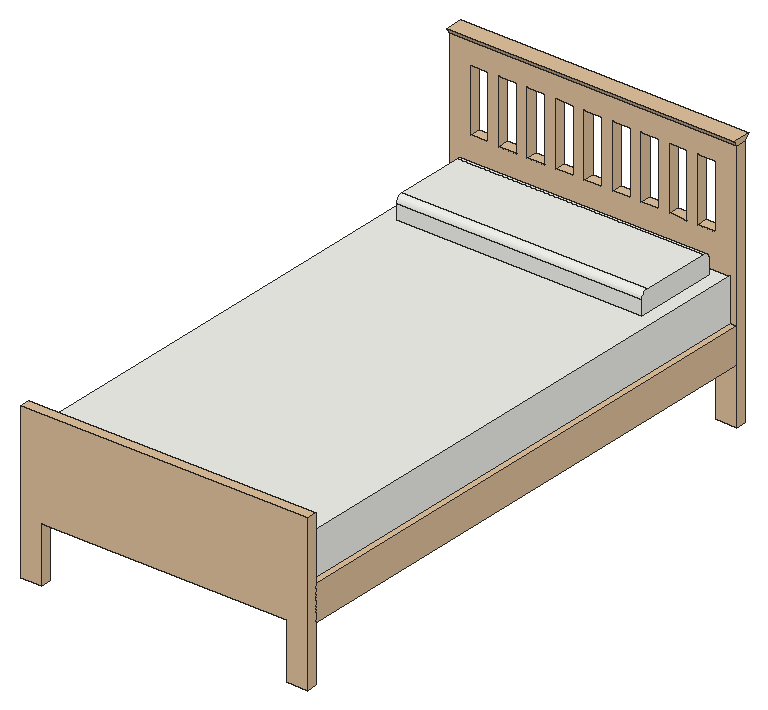
Revit family "Bed_Single", category Furniture, Revit 2021
Family settings
  OmniClass Number = 23.40.20.17.14.11
  OmniClass Title = Beds
  Work Plane-Based = No
  Always vertical = Yes
  Cut with Voids When Loaded = No
  Shared = No
  Room Calculation Point = No
Parameters (values of type "1040 x 1981mm - Twin")
  Frame Material = Birch
  Length = 1981.20 mm
  Mattress Material = Linen, White
  Width = 1041.40 mm
  Default Elevation = 0.00 mm
Types (5, lengths in mm): name | Length | Width
  1422 x 1981mm - Double | 1981.20 | 1422.40
  1040 x 1981mm - Twin | 1981.20 | 1041.40
  1575 x 2108mm - Queen | 2108.20 | 1574.80
  1981 x 2108mm - King | 2108.20 | 1981.20
  1240 x 1981mm - Twin 2 | 1981.20 | 1241.40
Reference planes
  plane 1 "Back": y = 0
  plane 2: z = 0
  plane 3 "Center (Left/Right)": x = -19.05
  plane 4: x = -539.75
  plane 5: x = 501.65
  plane 6 "Front": y = -1981.2
  plane 7: z = 914.4
  plane 8: z = 482.6
  plane 9: x = 463.55
  plane 10: x = 425.45
  plane 11: x = -463.55
Forms (mm)
  Extrusion 1, solid, material "Birch" <- "Frame Material"
    sketch origin (0, 0, 0) x (1, 0, 0) y (0, 0, 1)
      loop
        line (-539.537, 914.4) -> (-539.537, 0) -> (-463.55, 0) -> (-463.55, 203.2) -> (425.45, 203.2) -> (425.45, 0) -> (501.917, 0) -> (501.917, 914.4) -> (-539.537, 914.4)
      loop
        line (-463.55, 838.2) -> (-463.55, 609.6) -> (-398.639, 609.6) -> (-398.639, 838.2) -> (-463.55, 838.2)
      loop
        line (-360.539, 838.2) -> (-360.539, 609.6) -> (-295.628, 609.6) -> (-295.628, 838.2) -> (-360.539, 838.2)
      loop
        line (-257.528, 838.2) -> (-257.528, 609.6) -> (-192.617, 609.6) -> (-192.617, 838.2) -> (-257.528, 838.2)
      loop
        line (-154.517, 838.2) -> (-154.517, 609.6) -> (-89.606, 609.6) -> (-89.606, 838.2) -> (-154.517, 838.2)
      loop
        line (51.506, 838.2) -> (51.506, 609.6) -> (116.417, 609.6) -> (116.417, 838.2) -> (51.506, 838.2)
      loop
        line (154.517, 838.2) -> (154.517, 609.6) -> (219.428, 609.6) -> (219.428, 838.2) -> (154.517, 838.2)
      loop
        line (257.528, 838.2) -> (257.528, 609.6) -> (322.439, 609.6) -> (322.439, 838.2) -> (257.528, 838.2)
      loop
        line (360.539, 838.2) -> (360.539, 609.6) -> (425.45, 609.6) -> (425.45, 838.2) -> (360.539, 838.2)
      loop
        line (-51.506, 838.2) -> (-51.506, 609.6) -> (13.406, 609.6) -> (13.406, 838.2) -> (-51.506, 838.2)
    from 0 to 38.1
  Extrusion 2, solid, material "Birch" <- "Frame Material"
    sketch origin (0, -1981.2, 0) x (1, 0, 0) y (0, 0, 1)
      loop
        line (-539.75, 0) -> (-463.55, 0) -> (-463.55, 203.2) -> (425.45, 203.2) -> (425.45, 0) -> (501.65, 0) -> (501.65, 558.8) -> (-539.75, 558.8) -> (-539.75, 0)
    from 0 to -38.1
  Extrusion 3, solid, material "Birch" <- "Frame Material"
    sketch origin (0, 0, 0) x (0, -1, 0) y (0, 0, 1)
      loop
        line (38.1, 203.576) -> (1943.1, 203.576) -> (1943.1, 330.576) -> (38.1, 330.576) -> (38.1, 203.576)
    from 514.35 to 539.75
  Extrusion 4, solid, material "Birch" <- "Frame Material"
    sketch origin (501.65, 0, 0) x (0, -1, 0) y (0, 0, 1)
      loop
        line (1943.1, 203.099) -> (1943.1, 330.099) -> (38.1, 330.099) -> (38.1, 203.099) -> (1943.1, 203.099)
    from 0 to 25.4
  Extrusion 5, solid, material "Linen, White" <- "Mattress Material"
    sketch origin (0, 0, 0) x (1, 0, 0) y (0, 1, 0)
      loop
        line (-514.35, -38.1) -> (-514.35, -1943.1) -> (476.25, -1943.1) -> (476.25, -38.1) -> (-514.35, -38.1)
    from 228.6 to 482.6
  Extrusion 6, solid, material "Linen, White" <- "Mattress Material"
    sketch origin (-539.75, 0, 0) x (0, -1, 0) y (0, 0, 1)
      loop
        line (68.449, 482.6) -> (373.249, 482.6) -> (373.249, 533.4)
        arc (373.249, 533.4) -> (365.809, 551.361) -> (347.849, 558.8) r 25.4
        line (347.849, 558.8) -> (93.849, 558.8)
        arc (93.849, 558.8) -> (75.888, 551.361) -> (68.449, 533.4) r 25.4
        line (68.449, 533.4) -> (68.449, 482.6)
    from -965.2 to -76.2
  Sweep 7, solid, material "Birch" <- "Frame Material"
    path origin (0, 0, 0) x (1, 0, 0) y (0, 1, 0)
      loop
        line (-539.537, 0) -> (501.917, 0)
    profile origin (-18.81, 0, 0) x (0, 1, 0) y (0, 0, 1)
      loop
        line (0, 914.4) -> (13.855, 933.45) -> (-51.955, 933.45) -> (-38.1, 914.4) -> (0, 914.4)
Lines and regions (mm)
  Masking region 1
    outline origin (0, 0, 0) x (1, 0, 0) y (0, 1, 0)
      loop
        line (-539.75, 0) -> (-539.75, -1981.2) -> (501.65, -1981.2) -> (501.65, 0) -> (-539.75, 0)
  symbolic lines
    curve 1: line (501.65, -1981.2, 0) -> (-539.537, -1981.2, 0)
    curve 2: line (501.65, 0, 0) -> (501.65, -1981.2, 0)
    curve 3: line (-539.537, 0, 0) -> (501.65, 0, 0)
    curve 4: line (-539.537, -1981.2, 0) -> (-539.537, 0, 0)
    curve 5: line (501.65, -1943.1, 0) -> (-539.537, -1943.1, 0)
    curve 6: line (501.65, -51.955, 0) -> (-539.537, -51.955, 0)
    curve 7: line (425.45, -373.249, 0) -> (-463.55, -373.249, 0)
    curve 8: line (425.45, -68.449, 0) -> (425.45, -373.249, 0)
    curve 9: line (-463.55, -68.449, 0) -> (425.45, -68.449, 0)
    curve 10: line (-463.55, -373.249, 0) -> (-463.55, -68.449, 0)
Dimensions and locks
  equal spacing: plane 4, plane 3 "Center (Left/Right)", plane 5
  "Width": plane 4 to plane 5
  "Length": plane 6 "Front" to plane 1 "Back"
  locked: Extrusion 1 sketch curve to Extrusion 1 sketch curve at 75.987
  locked: Extrusion 1 sketch curve to Extrusion 1 sketch curve at 38.1  (x8)
  plane 2 to plane 7 = 914.40 mm
  Extrusion 1 to plane 1 "Back" = 38.10 mm
  locked: Extrusion 3 to plane 4 at 25.4  (x2)
  locked: plane 6 "Front" to Extrusion 3 sketch curve at 38.1
  locked: Extrusion 3 sketch curve to plane 1 "Back" at 38.1
  locked: plane 6 "Front" to Extrusion 4 sketch curve at 38.1
  locked: Extrusion 4 sketch curve to plane 1 "Back" at 38.1
  locked: Extrusion 4 to Extrusion 4 at 25.4
  locked: Extrusion 4 to plane 5 at 25.4
  locked: Extrusion 5 sketch curve to Extrusion 1 at 38.1
  locked: plane 6 "Front" to Extrusion 5 sketch curve at 38.1
  equal spacing: Extrusion 1 sketch curve, plane 3 "Center (Left/Right)", Extrusion 1 sketch curve
  equal spacing: plane 9, Extrusion 1 sketch curve, Extrusion 1 sketch curve, Extrusion 1 sketch curve, Extrusion 1 sketch curve, Extrusion 1 sketch curve, Extrusion 1 sketch curve, Extrusion 1 sketch curve, Extrusion 1 sketch curve, Extrusion 1 sketch curve
  locked: plane 9 to plane 5 at 38.1
  locked: plane 5 to Extrusion 1 sketch curve at 76.2
  locked: plane 10 to plane 5 at 76.2
  locked: plane 4 to plane 11 at 76.2
  aligned and locked: plane 7 to Extrusion 1 sketch curve
  aligned and locked: plane 4 to Extrusion 2 sketch curve
  aligned and locked: Extrusion 2 sketch curve to plane 5
  aligned and locked: plane 4 to Extrusion 3
  aligned and locked: Extrusion 1 to Extrusion 6
  aligned and locked: Extrusion 6 to Extrusion 1
  aligned and locked: Sweep 7 sketch curve to Extrusion 1  (x3)
  aligned and locked: Masking region 1 sketch curve to plane 4
  aligned and locked: plane 1 "Back" to Masking region 1 sketch curve
  aligned and locked: plane 5 to Masking region 1 sketch curve
  aligned and locked: Masking region 1 sketch curve to plane 6 "Front"
  aligned and locked: plane 11 to Extrusion 6
  aligned and locked: Extrusion 6 to plane 10
Automatic sketch dimensions
  Extrusion 1 sketch curve to level = 0.00 mm  (x2)
  Extrusion 1 sketch curve to plane 4 = 76.20 mm
  plane 5 to Extrusion 1 sketch curve = 76.20 mm
  level to Extrusion 1 sketch curve = 203.20 mm
  level to Extrusion 1 sketch curve = 609.60 mm
  Extrusion 1 sketch curve to Extrusion 1 sketch curve = 0.00 mm  (x12)
  Extrusion 1 sketch curve to Extrusion 1 sketch curve = 304.80 mm  (x2)
  plane 7 to Extrusion 1 sketch curve = 76.20 mm  (x3)
  Extrusion 1 sketch curve to plane 5 = 0.267 mm
  Extrusion 2 sketch curve to level = 0.00 mm  (x2)
  Extrusion 2 sketch curve to plane 4 = 76.20 mm
  Extrusion 2 sketch curve to Extrusion 2 sketch curve = 76.20 mm
  level to Extrusion 2 sketch curve = 203.20 mm
  Extrusion 2 sketch curve to Extrusion 2 sketch curve = 355.60 mm
  level to Extrusion 3 sketch curve = 203.576 mm
  Extrusion 3 sketch curve to Extrusion 3 sketch curve = 127.00 mm
  level to Extrusion 4 sketch curve = 203.099 mm
  Extrusion 4 sketch curve to Extrusion 4 sketch curve = 127.00 mm
  Extrusion 5 sketch curve to plane 4 = 25.40 mm
  plane 5 to Extrusion 5 sketch curve = 25.40 mm
  Sweep 7 sketch curve to profile plane = 0.00 mm
  profile plane to Sweep 7 sketch curve = 38.10 mm
  Sweep 7 sketch curve to Sweep 7 sketch curve = 13.855 mm
  Sweep 7 sketch curve to profile plane = 13.855 mm
  level to Sweep 7 sketch curve = 914.40 mm
  Sweep 7 sketch curve to Sweep 7 sketch curve = 19.05 mm
  Extrusion 6 sketch curve to plane 8 = 0.00 mm
  plane 1 "Back" to Extrusion 6 sketch curve = 68.449 mm
  Extrusion 6 sketch curve to Extrusion 6 sketch curve = 25.40 mm  (x2)
  plane 8 to Extrusion 6 sketch curve = 50.80 mm
  Extrusion 6 sketch curve to Extrusion 6 sketch curve = 254.00 mm
  curve 1 to plane 6 "Front" = 0.00 mm
  curve 3 to plane 1 "Back" = 0.00 mm
  curve 2 to plane 5 = 0.00 mm
  plane 5 to curve 8 = 76.20 mm
  curve 7 to plane 4 = 76.20 mm
  curve 4 to plane 4 = 0.213 mm
  curve 5 to plane 6 "Front" = 38.10 mm
  plane 1 "Back" to curve 7 = 373.249 mm
  plane 1 "Back" to curve 9 = 68.449 mm
  curve 6 to curve 3 = 51.955 mm
